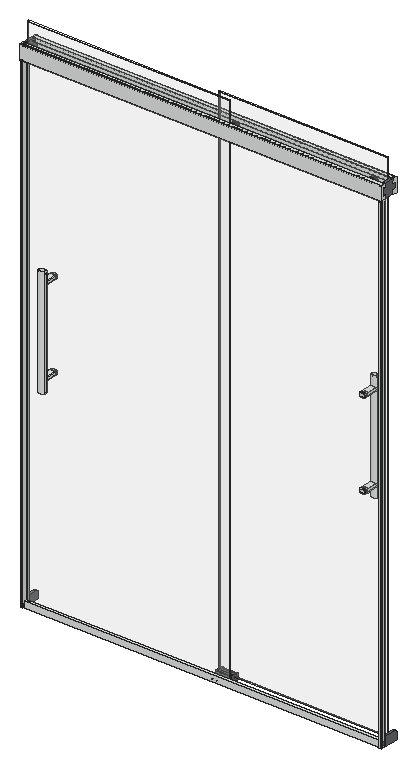
Revit family "Shower-Shower_Door-KOHLER-Prim-K-706533.rfa_", category Specialty Equipment, host Face, Revit 2021 (continued)
Types (7): name | Width | Walk Thru | Type | Secondary Finish | Product Page URL | Product Documentation Link | Model | Handle Finish | Finish | Description
  Crystal Clear Glass, BNK-Anodized Brushed Nickel | 59.6063" | 27.83465" | 5 | Kohler-Glass-L-Crystal_Clear | "http://www.us.kohler.com/us/catalog/productDetails.jsp?productNumber=706533-8L" | "https://www.us.kohler.com/webassets/kpna/catalog/pdf/en/K-706533-8L_spec_US-CA_Kohler_en.pdf" | "K-706533-8L-BNK" | Kohler-Metal-BN-Vibrant_Brushed_Nickel | Kohler-Metal-BNK-Anodized_Brushed_Nickel | "Frameless sliding shower door, 79-1/16 inch H x 54-5/8 - 59-5/8 inch W, with 5/16 inch thick Clear glass"
  Crystal Clear Glass, ABZ-Anodized Dark Bronze | 59.6063" | 27.83465" | 6 | Kohler-Glass-L-Crystal_Clear | "http://www.us.kohler.com/us/catalog/productDetails.jsp?productNumber=706533-8L" | "https://www.us.kohler.com/webassets/kpna/catalog/pdf/en/K-706533-8L_spec_US-CA_Kohler_en.pdf" | "K-706533-8L-ABZ" | KOHLER-Metal-2BL-Black | Kohler-Metal-ABZ-Anodized_Dark_Bronze | "Frameless sliding shower door, 79-1/16 inch H x 54-5/8 - 59-5/8 inch W, with 5/16 inch thick Clear glass"
